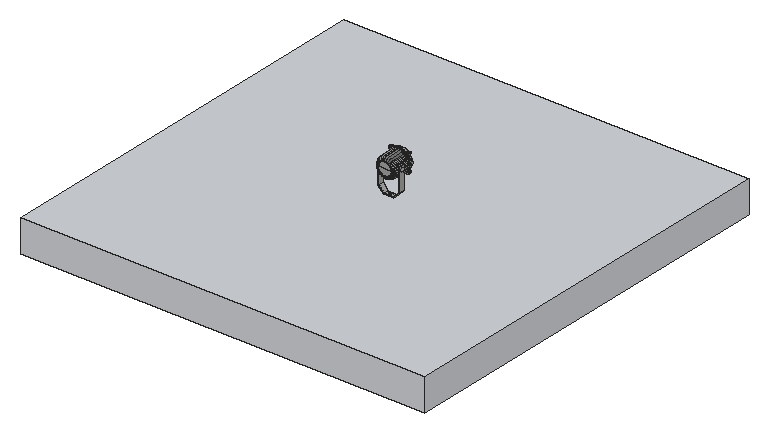
Revit family "MTH", category Lighting Fixtures, host Face, Revit 2014 (continued)
Definition of nested family "MTH"
  Automatic sketch dimensions
    Extrusion 16 sketch curve to Extrusion 16 sketch curve = 0.83103"
    Extrusion 17 sketch curve to Extrusion 17 sketch curve = 0.25307"
    Extrusion 17 sketch curve to Extrusion 17 sketch curve = 0"
    Extrusion 17 sketch curve to Extrusion 17 sketch curve = 3.01154"
    Extrusion 17 sketch curve to Extrusion 17 sketch curve = 0.79684"
    Extrusion 17 sketch curve to Extrusion 17 sketch curve = 0.83103"
    Extrusion 18 sketch curve to Extrusion 18 sketch curve = 0.25307"
    Extrusion 18 sketch curve to Extrusion 18 sketch curve = 0"
    Extrusion 18 sketch curve to Extrusion 18 sketch curve = 3.01154"
    Extrusion 18 sketch curve to Extrusion 18 sketch curve = 0.79684"
    Extrusion 18 sketch curve to Extrusion 18 sketch curve = 0.83103"
    Extrusion 19 sketch curve to Extrusion 19 sketch curve = 0.25307"
    Extrusion 19 sketch curve to Extrusion 19 sketch curve = 0"
    Extrusion 19 sketch curve to Extrusion 19 sketch curve = 3.01154"
    Extrusion 19 sketch curve to Extrusion 19 sketch curve = 0.79684"
    Extrusion 19 sketch curve to Extrusion 19 sketch curve = 0.83103"
    Extrusion 20 sketch curve to Extrusion 20 sketch curve = 0.25307"
    Extrusion 20 sketch curve to Extrusion 20 sketch curve = 0"
    Extrusion 20 sketch curve to Extrusion 20 sketch curve = 3.01154"
    Extrusion 20 sketch curve to Extrusion 20 sketch curve = 0.79684"
    Extrusion 20 sketch curve to Extrusion 20 sketch curve = 0.83103"
    Extrusion 21 sketch curve to Extrusion 21 sketch curve = 0.25307"
    Extrusion 21 sketch curve to Extrusion 21 sketch curve = 0"
    Extrusion 21 sketch curve to Extrusion 21 sketch curve = 3.01154"
    Extrusion 21 sketch curve to Extrusion 21 sketch curve = 0.79684"
    Extrusion 21 sketch curve to Extrusion 21 sketch curve = 0.83103"
    Extrusion 22 sketch curve to Extrusion 22 sketch curve = 0.25307"
    Extrusion 22 sketch curve to Extrusion 22 sketch curve = 0"
    Extrusion 22 sketch curve to Extrusion 22 sketch curve = 3.01154"
    Extrusion 22 sketch curve to Extrusion 22 sketch curve = 0.79684"
    Extrusion 22 sketch curve to Extrusion 22 sketch curve = 0.83103"
    Extrusion 23 sketch curve to Extrusion 23 sketch curve = 0.25307"
    Extrusion 23 sketch curve to Extrusion 23 sketch curve = 0"
    Extrusion 23 sketch curve to Extrusion 23 sketch curve = 3.01154"
    Extrusion 23 sketch curve to Extrusion 23 sketch curve = 0.79684"
    Extrusion 23 sketch curve to Extrusion 23 sketch curve = 0.83103"
    Extrusion 24 sketch curve to Extrusion 24 sketch curve = 0.25307"
    Extrusion 24 sketch curve to Extrusion 24 sketch curve = 0"
    Extrusion 24 sketch curve to Extrusion 24 sketch curve = 3.01154"
    Extrusion 24 sketch curve to Extrusion 24 sketch curve = 0.79684"
    Extrusion 24 sketch curve to Extrusion 24 sketch curve = 0.83103"
    Extrusion 25 sketch curve to Extrusion 25 sketch curve = 0.25307"
    Extrusion 25 sketch curve to Extrusion 25 sketch curve = 0"
    Extrusion 25 sketch curve to Extrusion 25 sketch curve = 3.01154"
    Extrusion 25 sketch curve to Extrusion 25 sketch curve = 0.79684"
    Extrusion 25 sketch curve to Extrusion 25 sketch curve = 0.83103"
    Extrusion 26 sketch curve to Extrusion 26 sketch curve = 0.25307"
    Extrusion 26 sketch curve to Extrusion 26 sketch curve = 0"
    Extrusion 26 sketch curve to Extrusion 26 sketch curve = 3.01154"
    Extrusion 26 sketch curve to Extrusion 26 sketch curve = 0.79684"
    Extrusion 26 sketch curve to Extrusion 26 sketch curve = 0.83103"
    Extrusion 27 sketch curve to Extrusion 27 sketch curve = 0.25307"
    Extrusion 27 sketch curve to Extrusion 27 sketch curve = 0"
    Extrusion 27 sketch curve to Extrusion 27 sketch curve = 3.01154"
    Extrusion 27 sketch curve to Extrusion 27 sketch curve = 0.79684"
    Extrusion 27 sketch curve to Extrusion 27 sketch curve = 0.83103"
    Extrusion 28 sketch curve to Extrusion 28 sketch curve = 0.25307"
    Extrusion 28 sketch curve to Extrusion 28 sketch curve = 0"
    Extrusion 28 sketch curve to Extrusion 28 sketch curve = 3.01154"
    Extrusion 28 sketch curve to Extrusion 28 sketch curve = 0.79684"
    Extrusion 28 sketch curve to Extrusion 28 sketch curve = 0.83103"
    Extrusion 29 sketch curve to Extrusion 29 sketch curve = 0.25307"
    Extrusion 29 sketch curve to Extrusion 29 sketch curve = 0"
    Extrusion 29 sketch curve to Extrusion 29 sketch curve = 3.01154"
    Extrusion 29 sketch curve to Extrusion 29 sketch curve = 0.79684"
    Extrusion 29 sketch curve to Extrusion 29 sketch curve = 0.83103"
    Extrusion 30 sketch curve to Extrusion 30 sketch curve = 0.25307"
    Extrusion 30 sketch curve to Extrusion 30 sketch curve = 0"
    Extrusion 30 sketch curve to Extrusion 30 sketch curve = 3.01154"
    Extrusion 30 sketch curve to Extrusion 30 sketch curve = 0.79684"
    Extrusion 30 sketch curve to Extrusion 30 sketch curve = 0.83103"
    Extrusion 31 sketch curve to Extrusion 31 sketch curve = 0.25307"
    Extrusion 31 sketch curve to Extrusion 31 sketch curve = 0"
    Extrusion 31 sketch curve to Extrusion 31 sketch curve = 3.01154"
    Extrusion 31 sketch curve to Extrusion 31 sketch curve = 0.79684"
    Extrusion 31 sketch curve to Extrusion 31 sketch curve = 0.83103"
    Extrusion 32 sketch curve to Extrusion 32 sketch curve = 0.25307"
    Extrusion 32 sketch curve to Extrusion 32 sketch curve = 0"
    Extrusion 32 sketch curve to Extrusion 32 sketch curve = 3.01154"
    Extrusion 32 sketch curve to Extrusion 32 sketch curve = 0.79684"
    Extrusion 32 sketch curve to Extrusion 32 sketch curve = 0.83103"
    Extrusion 33 sketch curve to Extrusion 33 sketch curve = 0.25307"
    Extrusion 33 sketch curve to Extrusion 33 sketch curve = 0"
    Extrusion 33 sketch curve to Extrusion 33 sketch curve = 3.01154"
    Extrusion 33 sketch curve to Extrusion 33 sketch curve = 0.79684"
    Extrusion 33 sketch curve to Extrusion 33 sketch curve = 0.83103"
    curve 1 to plane 3 "Center (Left/Right)" = 0"
    plane 1 "Center (Front/Back)" to curve 1 = 0"
    curve 1 to plane 8 = 4.35142"
    plane 8 to Revolve 3 sketch curve = 0.39497"
    level to Revolve 3 sketch curve = 4.22303"
    Revolve 3 sketch curve to Revolve 3 sketch curve = 0.31043"
    Revolve 3 sketch curve to Revolve 3 sketch curve = 0"
    radius of Extrusion 2 sketch curve = 2"
Types (4): name | 6 | 18 | 12
  (no name) | yes | no | no
  MTH-6 | yes | no | no
  MTH-12 | no | no | yes
  MTH-18 | yes | yes | yes
